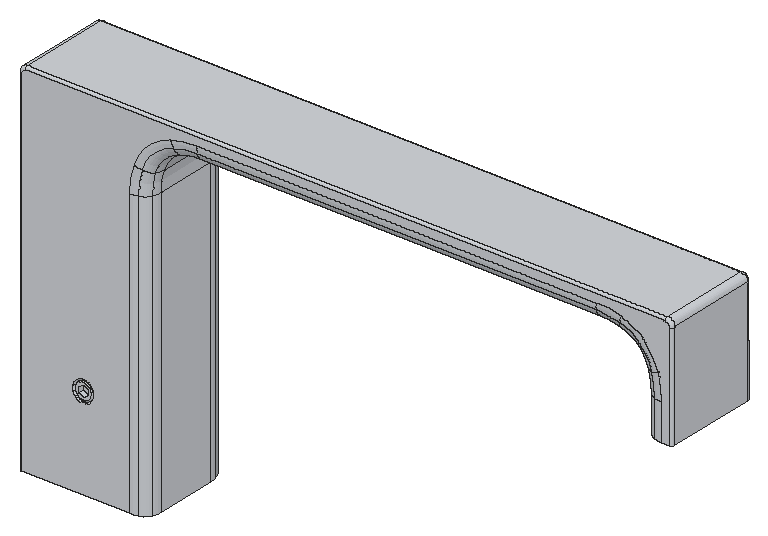
Revit family "Accessory-Tissue_Holder-KOHLER-Strayt-K-37350M", category Specialty Equipment, host Face, Revit 2015
Parameters (values of type "CP-Polished Chrome")
  Width = 6.37795"  # constant formula
  WaterSense Certified = 1 = 0  # no
  URL = "https://la.kohler.com/es?country=MX"
  Product Page URL = "https://la.kohler.com/en/product-detail/37350m?skuid=K-37350M-CP"
  Product Name = "Strayt"  # constant formula
  Product Documentation Link = "http://resources.kohler.com/plumbing/kohlerla/pdf/ri_37350t.pdf"
  Model = "K-37350M-CP"  # constant formula
  Material = "Premium Metal Construction"  # constant formula
  MasterFormat 2004 = "10.28.13"  # constant formula
  MasterFormat 1995 = "10820"  # constant formula
  Manufacturer Address = "444 Highland Dr, Kohler, WI 53044"  # constant formula
  Manufacturer = "KOHLER Co."  # constant formula
  Length = 3.54331"  # constant formula
  Height = 0.94488"  # constant formula
  Finish = Kohler-Metal-CP-Polished_Chrome
  Environmental Product Declaration = ""
  Description = "Toilet Paper Dispenser"  # constant formula
  Default Elevation = 42"
  Declare Label = ""
  Date Modified = "07/31/2019"  # constant formula
  Date Created = "07/31/2019"  # constant formula
  Copyright = "Copyright KOHLER Co."  # constant formula
  Contact Us = "https://la.kohler.com/es/contact-us-page"
  Assembly Code = "C1030200"
  ADA Compliant = 1 = 0  # no
Reference planes (in)
  plane 1 "Center (Front/Back)": y = 0
  plane 2: z = 0
  plane 3 "Center (Left/Right)": x = 0
  plane 4: x = -3.18898
  plane 5: x = 3.18898
  plane 6: x = -1.92913
  plane 7: x = -2.91339
  plane 8: x = -2.20472
  plane 9: y = 0.47244
  plane 10: y = -0.47244
  plane 11: x = -2.55906
  plane 12: z = 3.54331
  plane 13: z = 2.44094
Dimensions and locks (in)
  plane 4 to plane 6 = 1.25984"
  "Height": plane 10 to plane 9
  plane 9 to plane 10 = 0.94488"
  "Width": plane 5 to plane 4
  "Length": plane 12 to plane 2
  aligned and locked: plane 2 to host face
  aligned and locked: level to host face
Automatic sketch dimensions
  host sketch curve to host sketch curve = 96"  (x2)
Nested families (in)
  nested 1: "K-37350M" at (0, 0, 0), type "K-37350M"
Definition of nested family "K-37350M"
  Parameters (values of type "K-37350M")
    Material = none
  Reference planes (in)
    plane 1 "Center (Front/Back)": y = 0
    plane 2: z = 0
    plane 3 "Center (Left/Right)": x = 0
    plane 4: x = 3.18898
    plane 5: x = -3.18898
    plane 6: y = 0.47244
    plane 7: y = -0.47244
    plane 8: x = -1.92913
    plane 9: z = 3.54331
    plane 10: z = 2.44094
  Forms (in)
    Extrusion 1, solid, material <- "Material", detail levels medium+fine
      sketch origin (0, 0, 0) x (1, 0, 0) y (0, 0, 1)
        loop
          line (-3.16142, 3.47638) -> (-3.16142, 0) -> (-2.14766, 0) -> (-2.14766, 2.79667)
          arc (-2.14766, 2.79667) -> (-2.13656, 2.93642) -> (-2.10356, 3.07267) r 0.88577
          arc (-2.10356, 3.07267) -> (-1.95902, 3.30507) -> (-1.72362, 3.44468) r 0.57677
          arc (-1.72362, 3.44468) -> (-1.59176, 3.47442) -> (-1.45695, 3.48441) r 0.91487
          line (-1.45695, 3.48441) -> (2.44065, 3.48441)
          arc (2.44065, 3.48441) -> (2.57031, 3.47562) -> (2.69758, 3.44942) r 0.96078
          arc (2.69758, 3.44942) -> (2.94836, 3.30323) -> (3.09483, 3.05262) r 0.57087
          arc (3.09483, 3.05262) -> (3.12111, 2.92552) -> (3.12992, 2.79602) r 0.95565
          line (3.12992, 2.79602) -> (3.12992, 2.44094) -> (3.16142, 2.44094) -> (3.16142, 3.47638)
          arc (3.16142, 3.47638) -> (3.14989, 3.50422) -> (3.12205, 3.51575) r 0.03937
          line (3.12205, 3.51575) -> (-3.12205, 3.51575)
          arc (-3.12205, 3.51575) -> (-3.14989, 3.50422) -> (-3.16142, 3.47638) r 0.03937
      from -0.47244 to 0.47244
    Sweep 2, solid, material <- "Material", detail levels medium+fine
      path origin (0, 0, 0) x (1, 0, 0) y (0, 0, 1)
        loop
          line (-2.10828, 0) -> (-2.10828, 2.79667)
          arc (-2.10828, 2.79667) -> (-2.09768, 2.93021) -> (-2.06615, 3.0604) r 0.8464
          arc (-2.06615, 3.0604) -> (-1.93147, 3.27694) -> (-1.71214, 3.40702) r 0.5374
          arc (-1.71214, 3.40702) -> (-1.58596, 3.43548) -> (-1.45695, 3.44504) r 0.8755
          line (-1.45695, 3.44504) -> (2.44065, 3.44504)
          arc (2.44065, 3.44504) -> (2.56499, 3.43661) -> (2.68706, 3.41148) r 0.92141
          arc (2.68706, 3.41148) -> (2.92054, 3.27538) -> (3.0569, 3.04205) r 0.5315
          arc (3.0569, 3.04205) -> (3.0821, 2.92018) -> (3.09055, 2.79602) r 0.91628
          line (3.09055, 2.79602) -> (3.09055, 2.44094)
      profile origin (-2.10828, 0, 1.39834) x (-1, 0, 0) y (0, -1, 0)
        loop
          line (0.03937, 0.47244) -> (-0.00472, 0.47244)
          arc (-0.00472, 0.47244) -> (-0.04241, 0.46972) -> (-0.07931, 0.46162) r 0.26243
          arc (-0.07931, 0.46162) -> (-0.12757, 0.43524) -> (-0.16071, 0.39135) r 0.13071
          arc (-0.16071, 0.39135) -> (-0.17449, 0.35061) -> (-0.17915, 0.30787) r 0.19822
          line (-0.17915, 0.30787) -> (-0.17915, -0.29528)
          arc (-0.17915, -0.29528) -> (-0.17612, -0.33559) -> (-0.16708, -0.37499) r 0.26917
          arc (-0.16708, -0.37499) -> (-0.1341, -0.42925) -> (-0.07945, -0.46158) r 0.13071
          arc (-0.07945, -0.46158) -> (-0.04248, -0.46971) -> (-0.00472, -0.47244) r 0.26243
          line (-0.00472, -0.47244) -> (0.03937, -0.47244) -> (0.03937, 0.47244)
    Sweep 3, solid, material <- "Material", detail levels medium+fine
      path origin (0, 0, 0) x (1, 0, 0) y (0, 0, 1)
        loop
          line (3.16142, 2.44094) -> (3.16142, 3.47638)
          arc (3.16142, 3.47638) -> (3.14989, 3.50422) -> (3.12205, 3.51575) r 0.03937
          line (3.12205, 3.51575) -> (-3.12205, 3.51575)
          arc (-3.12205, 3.51575) -> (-3.14989, 3.50422) -> (-3.16142, 3.47638) r 0.03937
          line (-3.16142, 3.47638) -> (-3.16142, 0)
      profile origin (-3.16142, 0, 1.73819) x (0, -1, 0) y (1, 0, 0)
        loop
          arc (0.44488, -0.02756) -> (0.46437, -0.01949) -> (0.47244, 0) r 0.02756
          line (0.47244, 0) -> (0.47244, 0.03091) -> (-0.47244, 0.03091) -> (-0.47244, 0)
          arc (-0.47244, 0) -> (-0.46437, -0.01949) -> (-0.44488, -0.02756) r 0.02756
          line (-0.44488, -0.02756) -> (0.44488, -0.02756)
    Extrusion 4, void
      sketch origin (0, 0, 0) x (1, 0, 0) y (0, 0, 1)
        loop
          line (-2.60827, 0.93392) -> (-2.60827, 0.8771) -> (-2.55906, 0.84869) -> (-2.50984, 0.8771) -> (-2.50984, 0.93392) -> (-2.55906, 0.96234) -> (-2.60827, 0.93392)
      from 0.41339 to 0.47244
    Revolve 5, void
      sketch origin (-2.55906, 0, 0) x (0, 1, 0) y (0, 0, 1)
        loop
          line (-0.46034, 0.99631) -> (-0.48284, 1.01881) -> (-0.48284, 0.97381) -> (-0.46034, 0.99631)
        axis (-0.48284, 0.90551) -> (-0.44347, 0.90551)
      angle from 0 to 360
    Extrusion 6, solid, material <- "Material", detail levels coarse
      sketch origin (0, 0, 0) x (1, 0, 0) y (0, 0, 1)
        loop
          line (-3.18898, 3.54331) -> (-3.18898, 0) -> (-1.92913, 0) -> (-1.92913, 2.84418)
          arc (-1.92913, 2.84418) -> (-1.80565, 3.14229) -> (-1.50754, 3.26578) r 0.42159
          line (-1.50754, 3.26578) -> (2.5177, 3.26578)
          arc (2.5177, 3.26578) -> (2.79609, 3.15046) -> (2.9114, 2.87207) r 0.3937
          line (2.9114, 2.87207) -> (2.9114, 2.44094) -> (3.18898, 2.44094) -> (3.18898, 3.54331) -> (-3.18898, 3.54331)
      from -0.47244 to 0.47244
  Cuts and joins
    Extrusion 4, Revolve 5 cuts Extrusion 1
    Extrusion 4 cuts Sweep 2
    Extrusion 4 cuts Sweep 3
    joined: Extrusion 1, Sweep 2, Sweep 3
  Lines and regions (in)
    Masking region 1
      outline origin (0, 0, 0) x (1, 0, 0) y (0, 1, 0)
        loop
          line (3.16142, 0.47244) -> (-3.16142, 0.47244)
          arc (-3.16142, 0.47244) -> (-3.1809, 0.46437) -> (-3.18898, 0.44488) r 0.02756
          line (-3.18898, 0.44488) -> (-3.18898, -0.44488)
          arc (-3.18898, -0.44488) -> (-3.1809, -0.46437) -> (-3.16142, -0.47244) r 0.02756
          line (-3.16142, -0.47244) -> (3.16142, -0.47244)
          arc (3.16142, -0.47244) -> (3.1809, -0.46437) -> (3.18898, -0.44488) r 0.02756
          line (3.18898, -0.44488) -> (3.18898, 0.44488)
          arc (3.18898, 0.44488) -> (3.1809, 0.46437) -> (3.16142, 0.47244) r 0.02756
    Masking region 2
      outline origin (0, 0, 0) x (1, 0, 0) y (0, 0, 1)
        loop
          line (-1.92913, 0) -> (-1.92913, 2.8327)
          arc (-1.92913, 2.8327) -> (-1.90485, 2.98345) -> (-1.83445, 3.11895) r 0.48001
          arc (-1.83445, 3.11895) -> (-1.79425, 3.16305) -> (-1.74607, 3.19826) r 0.29815
          arc (-1.74607, 3.19826) -> (-1.61254, 3.24865) -> (-1.47084, 3.26578) r 0.59476
          line (-1.47084, 3.26578) -> (2.5177, 3.26578)
          arc (2.5177, 3.26578) -> (2.79609, 3.15046) -> (2.9114, 2.87207) r 0.3937
          line (2.9114, 2.87207) -> (2.9114, 2.4685)
          arc (2.9114, 2.4685) -> (2.91947, 2.44902) -> (2.93896, 2.44094) r 0.02756
          line (2.93896, 2.44094) -> (3.16142, 2.44094)
          arc (3.16142, 2.44094) -> (3.1809, 2.44902) -> (3.18898, 2.4685) r 0.02756
          line (3.18898, 2.4685) -> (3.18898, 3.47638)
          arc (3.18898, 3.47638) -> (3.16937, 3.5237) -> (3.12205, 3.54331) r 0.06693
          line (3.12205, 3.54331) -> (-3.12205, 3.54331)
          arc (-3.12205, 3.54331) -> (-3.16937, 3.5237) -> (-3.18898, 3.47638) r 0.06693
          line (-3.18898, 3.47638) -> (-3.18898, 0) -> (-1.92913, 0)
    Masking region 3
      outline origin (0, 0, 0) x (0, 1, 0) y (0, 0, 1)
        loop
          arc (0.47244, 3.51575) -> (0.46437, 3.53524) -> (0.44488, 3.54331) r 0.02756
          line (0.44488, 3.54331) -> (-0.44488, 3.54331)
          arc (-0.44488, 3.54331) -> (-0.46437, 3.53524) -> (-0.47244, 3.51575) r 0.02756
          line (-0.47244, 3.51575) -> (-0.47244, 0) -> (0.47244, 0) -> (0.47244, 3.51575)
    symbolic lines, detail levels medium+fine
      curve 1: line (-3.16142, 0.44488, 0) -> (-3.16142, -0.44488, 0)
      curve 2: line (-3.16142, -0.44488, 0) -> (3.16142, -0.44488, 0)
      curve 3: line (3.16142, 0.44488, 0) -> (3.16142, -0.44488, 0)
      curve 4: line (-3.16142, 0.44488, 0) -> (3.16142, 0.44488, 0)
      curve 5: line (3.16142, 0, 2.4685) -> (3.16142, 0, 3.47638)
      curve 6: arc (3.16142, 0, 3.47638) -> (3.14989, 0, 3.50422) -> (3.12205, 0, 3.51575) r 0.03937
      curve 7: line (3.12205, 0, 3.51575) -> (-3.09961, 0, 3.51575)
      curve 8: arc (-3.09961, 0, 3.51575) -> (-3.14331, 0, 3.49764) -> (-3.16142, 0, 3.45394) r 0.06181
      curve 9: line (-3.16142, 0, 3.45394) -> (-3.16142, 0, 0)
      curve 10: line (-2.10356, 0, 0) -> (-2.10356, 0, 2.8327)
      curve 11: line (3.08581, 0, 2.4685) -> (3.08581, 0, 2.87207)
      curve 12: line (-1.49196, 0, 3.43989) -> (2.53585, 0, 3.43989)
      curve 13: arc (2.53585, 0, 3.43989) -> (2.92578, 0, 3.26732) -> (3.08581, 0, 2.87207) r 0.56811
      curve 14: arc (-1.83043, 0, 3.35095) -> (-1.66632, 0, 3.41493) -> (-1.49196, 0, 3.43989) r 0.76917
      curve 15: arc (-2.10354, 0, 2.8327) -> (-2.07043, 0, 3.03823) -> (-1.97445, 0, 3.22295) r 0.65442
      curve 16: arc (-1.97445, 0, 3.22295) -> (-1.90903, 0, 3.29437) -> (-1.83043, 0, 3.35095) r 0.47256
      curve 17: line (2.9114, 0, 2.4685) -> (3.18898, 0, 2.4685)
      curve 18: line (0, 0.44488, 0) -> (0, 0.44488, 3.51575)
      curve 19: line (0, 0.44488, 3.51575) -> (0, -0.44488, 3.51575)
      curve 20: line (0, -0.44488, 3.51575) -> (0, -0.44488, 0)
      curve 21: line (0, -0.47244, 2.44094) -> (0, 0.47244, 2.44094)
  Dimensions and locks (in)
    aligned and locked: plane 2 to level
